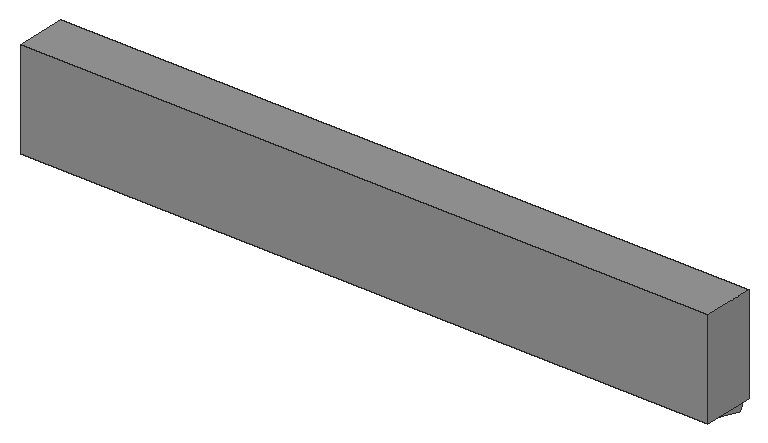
Revit family "Artemide_Sharp_WallWasher_SMD", category Lighting Fixtures, Revit 2018
Family settings
  Round Connector Dimension = Use Diameter
  Part Type = Normal
  Work Plane-Based = Yes
  Always vertical = Yes
  Cut with Voids When Loaded = No
  Light Source = Yes
  Shared = No
  Room Calculation Point = No
Parameters (values of type "SharpWallWasherSMD_4opticunit_44W_4000K_White/White_AF86801")
  Wattage = 44 W
  built-in parameter 1150110 = 1 (stored number, unit not read)
  Voltage = "-"
  V_2Optics = if(or(Distance_RightEndClosure < 77 mm, Distance_RightEndClosure > 225 mm), 1 = 0, 1 = 1)  # no
  V_1Optic = if(Distance_RightEndClosure < 225 mm, 1 = 0, 1 = 1)  # yes
  TotalNumberOfOptics = NumberOfOptics + 1  # 4
  built-in parameter 1114217 = 1 (stored number, unit not read)
  Tilt Angle = 90.00°
  built-in parameter 1150109 = 1 (stored number, unit not read)
  built-in parameter 1150134 = 12
  built-in parameter 1150113 = 1 (stored number, unit not read)
  Product Range = "Sharp"
  Photometric Web File = "AF86801.IES"
  NumberOfOptics = 3
  Max Height from ceiling = 0 mm
  M_Housing = Artemide_Aluminum_White
  M_ExternalHousing = Artemide_Aluminum_White
  built-in parameter 1150105 = 2578.6 (stored number, unit not read)
  Lumens = 2486.44 lm
  built-in parameter 1150115 = 1 (stored number, unit not read)
  built-in parameter 1150137 = (empty or 0)
  built-in parameter 1150139 = (empty or 0)
  built-in parameter 1150112 = 1 (stored number, unit not read)
  built-in parameter 1150114 = 1 (stored number, unit not read)
  built-in parameter 1150132 = (empty or 0)
  built-in parameter 1150102 = (empty or 0)
  built-in parameter 1150107 = 4000 (stored number, unit not read)
  built-in parameter 1150138 = (empty or 0)
  built-in parameter 1150106 = 25.786 (stored number, unit not read)
  IfcExportType = "NOT DEFINED"  # constant formula
  IfcExportAs = "IfcLightFixtureType"  # constant formula
  Weekly = "-"
  Warranty ID = "https://cloud.artemide.com/5-years-warranty"
  Upward Component  = 0
  Unified Glare Rating  = "-"
  Uniclass 2015 = "Pr_70_70_48"  # constant formula
  URL to O&M Manual = "https://www.artemide.com/contents/documenti/prodotto/sharp_wallwasher_smd_instructions4863354.pdf"
  URL to Energy Technology List = "-"
  Trim Material = "-"
  Trim Finish = "-"
  Trim Colour  = "-"
  Total Power = 0
  Total Light Output  = 0
  Testing method = "-"
  Supply Phase = 0
  Suitable for Photocell Control = "-"
  Suitable for Motion Detector Control = "N"
  Suitable for Dimming  = "N"
  Suitable Dimmer Type = "-"
  Standards = "-"
  Shipping Weight = 0
  Service life  = "-"
  Secondary Rated Lamp Life = 0
  Secondary Lamp Voltage = 0
  Secondary Lamp International Type Code = "-"
  Secondary Lamp Initial Lumens  = 0
  Secondary Lamp Included = "-"
  Secondary Lamp Efficacy = 0
  Secondary Lamp Colour Temperature = 0
  Secondary Lamp Colour Rendering Index = 0
  Secondary Lamp Cap = "-"
  Secondary Lamp = "N"
  Responsible Sourcing of Materials = "-"
  Responsible Extraction of Materials = "-"
  Reflector Material = "-"
  Reflector Finish = "-"
  Rated Lamp Life = 103000
  Quarterly = "-"
  Product Model Number = "AF86801"
  Product Literature = "https://www.artemide.com/en/subfamily/4746400/sharp-wallwasher-smd"
  Primary Lamp Type = "LED"
  Power Supply Kit = "-"
  Power Factor = 0
  Photocell = "-"
  Overall Width = 450
  Overall Light Output Ratio = 0
  Overall Length = 600
  Overall Height = 930
  Output Lumens Indirect light = 0
  Output Lumens Direct light = 417
  Number of Secondary Lamps = 0
  Number of Primary Lamps = 1
  Number of Poles = 0
  Motion Sensor = "-"
  Motion Detector = "-"
  Monthly = "-"
  Minimum Operating Temperature = 0
  Maximum Operating Temperature = 0
  Material Ingredient Reporting = "-"
  Manufacturer Website = "https://www.artemide.com"
  Manufacturer = "Artemide"
  Maintenance Required: 8001-12000hrs  = "-"
  Maintenance Required: 601-1000hrs = "-"
  Maintenance Required: 4001-8000hrs  = "-"
  Maintenance Required: 301-600hrs  = "-"
  Maintenance Required: 2001-4000hrs  = "-"
  Maintenance Required: 1001-2000hrs  = "-"
  Maintenance Required: 0-300hrs  = "-"
  Luminance at 65deg Angle = 0
  Luminaire Type = "Wall Washer"
  Luminaire Maintenance Factor = 0
  Luminaire Cleaning Interval  = "-"
  Louvre/Lens = "-"
  Location of Manufacturer = "-"
  Light Output Pattern = "-"
  Light Fixture Mounting Type = "Ceiling"
  Life Cycle Analysis = "-"
  Lamp Survival Factor = "-"
  Lamp Replacement Interval = "-"
  Lamp Included = "Y"
  Lamp Holder Material = "-"
  Lamp Cap = "LED Integrated"
  LED lifetime = 103000
  LED Maintained Colour Variation         = 0
  LED Initial Colour Variation                      = 0
  International Type Code = "-"
  Intended Market = "Unset"
  Integral Fuse or Circuit Protection  = "-"
  Integral Emergency Lighting Battery Type = "-"
  Input Lumens Indirect light = 0
  Input Lumens Direct light = 498.1
  Initial Lumens = 804
  Infills = "-"
  IP Rating = "IP20"
  IK Rating = "-"
  IES Files  = "-"
  Housing Material = "Aluminium"
  Housing Finish  = "Painted"
  Housing Colour  = "White/White"
  Hazardous Area Protection Type = "-"
  Hazardous Area Category = "-"
  Gross Weight = 0
  Green Guide for Specification = "-"
  Gasket Material = "-"
  Frequency  = 0
  Fixings = "-"
  Fixing Material = "-"
  Fire Shroud = "-"
  Fire Rating Duration = 0
  Fire Rated Temperature = 0
  Fire Rated = "-"
  Features = "Any additional components/accessories included in this file are required to complete the product/configuration and must be ordered separately.Please check the catalogue/dedicated brochure for more information"
  Face Width = 0
  Face Shape = "Rectangular"
  Face Length = 0
  External Control Line Voltage = 0
  Expected Life = "-"
  Environmental Product Declaration = "-"
  End Caps/Transition Caps/Joints = "-"
  Emit from Rectangle Width = 593.6 mm
  Emit from Rectangle Length = 24.8 mm
  Emit Shape Visible in Rendering = no
  Emergency light output percentage = 0
  Emergency Lighting Battery = "-"
  Emergency Charging Power       = 0
  Emergency = "N"
  Embodied Carbon  = 0
  Efficiency = 65
  built-in parameter 1150104 = 5.25 (stored number, unit not read)
  Earth Point  = "-"
  ENEC Certification of European conformity = "Y"
  Duration of Integral Emergency Lighting  = 0
  Drive Current                                          = 0
  Downward Component = 0
  Distance_RightEndClosure = 521.6 mm
  Dimming Lamp Color Temperature Shift = <None>
  Diffusing screen = "-"
  Diffuser Material  = "-"
  Diffuser Finish = "-"
  Designed by = "Carlotta de Bevilacqua"
  Default Elevation = 1219.2 mm
  Daylight Sensor = "-"
  Daily = "-"
  Cut Out Width = 0
  Cut Out Length = 0
  Current  = 0
  Control Gear Type = "-"
  Control Gear Standby Power  = 0
  Control Gear Required = "-"
  Control Gear Location = "-"
  Column = "-"
  Colour Temperature = 4000
  Colour Rendering Index = 90
  Color Filter = 16777215
  Cable Material = "-"
  CE Approval = "YES"
  Bespoke Timeframe = "-"
  Beam Angle Transverse Axis  = 0.00°
  Beam Angle Longditudinal Axis  = 0.00°
  Basis of lifetime luminaire failures        = 0
  Basis of lifetime lumen depreciation   = 0
  built-in parameter 1114218 = 1 (stored number, unit not read)
  built-in parameter 1150133 = 10 (stored number, unit not read)
  Application Environment = "Internal"
  Annually = "-"
  Ambient Temperature                             = 0
  Air Handling = "-"
  Access Clearance Top = 0
  Access Clearance Right = 0
  Access Clearance Rear = 0
  Access Clearance Left = 0
  Access Clearance Front = 0
  Access Clearance Bottom = 0
  6 Monthly = "-"
  \u001fM_Louvre = Artemide_Aluminum_White
  \u001fM_Diffuser = Artemide_Glass_LightBulb
Reference planes
  plane 1 "Center (Front/Back)": y = 0
  plane 2: z = 0
  plane 3 "Center (Left/Right)": x = 0
  plane 4: x = 519.4
  plane 5: x = -74.2
  plane 6: y = 22.3
  plane 7: y = -22.3
  plane 8: y = 20.1
  plane 9: y = -20.1
  plane 10 "Light": z = -84.91
  plane 11: x = -76.4
  plane 12: x = 521.6
  plane 13 "Center L/S": z = -2.2
  plane 14 "Center L/T": z = -73.238
  plane 15: x = 222.6
Forms (mm)
  Extrusion 1, solid, material "Artemide_Aluminum_White" <- "M_ExternalHousing"
    sketch origin (0, 0, 0) x (1, 0, 0) y (0, 1, 0)
      loop
        line (-76.4, 22.3) -> (-76.4, -22.3) -> (521.6, -22.3) -> (521.6, 22.3) -> (-76.4, 22.3)
      loop
        line (-74.2, 20.1) -> (-74.2, -20.1) -> (519.4, -20.1) -> (519.4, 20.1) -> (-74.2, 20.1)
    from -84.91 to 0
  Extrusion 2, solid, material "Artemide_Aluminum_White" <- "M_ExternalHousing"
    sketch origin (0, 0, 0) x (1, 0, 0) y (0, 1, 0)
      loop
        line (-74.2, 20.1) -> (-74.2, -20.1) -> (519.4, -20.1) -> (519.4, 20.1) -> (-74.2, 20.1)
    from -2.2 to 0
Cuts and joins
  joined: Extrusion 1, Extrusion 2
Dimensions and locks
  equal spacing: plane 6, plane 1 "Center (Front/Back)", plane 7
  locked: plane 6 to plane 7 at 44.6
  locked: plane 6 to plane 8 at 2.2
  locked: plane 9 to plane 7 at 2.2
  locked: plane 2 to plane 10 "Light" at 84.91
  locked: plane 11 to plane 5 at 2.2
  locked: plane 4 to plane 12 at 2.2
  locked: plane 2 to plane 13 "Center L/S" at 2.2
  locked: plane 3 "Center (Left/Right)" to plane 11 at 76.4
  "Distance_RightEndClosure": plane 12 to plane 3 "Center (Left/Right)"
  locked: plane 14 "Center L/T" to plane 10 "Light" at 11.672
  equal spacing: group 1, group 2, group 3  (x3)
  equal spacing: plane 12, plane 15, plane 11
  aligned and locked: level to plane 2
  aligned and locked: plane 3 "Center (Left/Right)" to nested 1
  aligned and locked: plane 1 "Center (Front/Back)" to nested 1
  aligned and locked: plane 11 to Extrusion 1 sketch curve
  aligned and locked: Extrusion 1 sketch curve to plane 6
  aligned and locked: plane 12 to Extrusion 1 sketch curve
  aligned and locked: Extrusion 1 sketch curve to plane 7
  aligned and locked: plane 5 to Extrusion 1 sketch curve
  aligned and locked: Extrusion 1 sketch curve to plane 8
  aligned and locked: plane 4 to Extrusion 1 sketch curve
  aligned and locked: Extrusion 1 sketch curve to plane 9
  aligned and locked: plane 2 to Extrusion 1
  aligned and locked: plane 5 to Extrusion 2 sketch curve
  aligned and locked: Extrusion 2 sketch curve to plane 8
  aligned and locked: plane 4 to Extrusion 2 sketch curve
  aligned and locked: Extrusion 2 sketch curve to plane 9
  aligned and locked: Extrusion 2 to plane 13 "Center L/S"
  aligned and locked: plane 2 to Extrusion 2
  aligned and locked: plane 14 "Center L/T" to imposter light
  aligned and locked: imposter light to plane 1 "Center (Front/Back)"
  aligned and locked: imposter light to plane 15
Nested families
  nested 1: "Artedime_Sharp_WallWasher_SMD_BasicGeometry" at (0, 0, 0), M_Louvre <- "\u001fM_Louvre", M_Diffuser <- "\u001fM_Diffuser", M_Housing <- "M_Housing", type "Artedime_Sharp_WallWasher_SMD_BasicGeometry"
    with M_Louvre Artemide_Aluminum_White, M_Housing Artemide_Aluminum_White, M_Diffuser Artemide_Glass_LightBulb
  nested 2: "Artedime_Sharp_WallWasher_SMD_BasicGeometry" at (148.4, 0, 0), M_Louvre <- "\u001fM_Louvre", M_Diffuser <- "\u001fM_Diffuser", M_Housing <- "M_Housing", visible <- "V_2Optics", type "Artedime_Sharp_WallWasher_SMD_BasicGeometry"
    with M_Louvre Artemide_Aluminum_White, M_Housing Artemide_Aluminum_White, M_Diffuser Artemide_Glass_LightBulb
  nested 3: "Artedime_Sharp_WallWasher_SMD_BasicGeometry" at (148.4, 0, 0), M_Louvre <- "\u001fM_Louvre", M_Diffuser <- "\u001fM_Diffuser", M_Housing <- "M_Housing", visible <- "V_1Optic", type "Artedime_Sharp_WallWasher_SMD_BasicGeometry"
    with M_Louvre Artemide_Aluminum_White, M_Housing Artemide_Aluminum_White, M_Diffuser Artemide_Glass_LightBulb
  nested 4: "Artedime_Sharp_WallWasher_SMD_BasicGeometry" at (296.8, 0, 0), M_Louvre <- "\u001fM_Louvre", M_Diffuser <- "\u001fM_Diffuser", M_Housing <- "M_Housing", visible <- "V_1Optic", type "Artedime_Sharp_WallWasher_SMD_BasicGeometry"
    with M_Louvre Artemide_Aluminum_White, M_Housing Artemide_Aluminum_White, M_Diffuser Artemide_Glass_LightBulb
  nested 5: "Artedime_Sharp_WallWasher_SMD_BasicGeometry" at (445.2, 0, 0), M_Louvre <- "\u001fM_Louvre", M_Diffuser <- "\u001fM_Diffuser", M_Housing <- "M_Housing", visible <- "V_1Optic", type "Artedime_Sharp_WallWasher_SMD_BasicGeometry"
    with M_Louvre Artemide_Aluminum_White, M_Housing Artemide_Aluminum_White, M_Diffuser Artemide_Glass_LightBulb
Definition of nested family "Artedime_Sharp_WallWasher_SMD_BasicGeometry"
  Parameters (values of type "Artedime_Sharp_WallWasher_SMD_BasicGeometry")
    M_Louvre [instance] = none
    M_Housing [instance] = none
    M_Diffuser [instance] = none
    Default Elevation = 1219.2 mm
  Reference planes
    plane 1 "Center (Front/Back)": y = 0
    plane 2: z = 0
    plane 3 "Center (Left/Right)": x = 0
    plane 4: z = -47.295
    plane 5: z = -93.25
    plane 6: z = -67.701
    plane 7: z = -70.127
    plane 8: z = -72.727
    plane 9: z = -83.193
    plane 10: y = 22.3
    plane 11: y = -22.3
    plane 12: x = -74.2
    plane 13: x = 74.2
    plane 14: x = -73
    plane 15: x = 73
  Forms (mm)
    Extrusion 1, solid, material <- "M_Louvre"
      sketch origin (0, 0, -84.882) x (0, 1, 0) y (0, 0, 1)
        loop
          line (7.33, 37.587) -> (0.326, 37.587)
          arc (0.326, 37.587) -> (-1.85, 36.962) -> (-3.363, 35.277) r 4.101
          arc (-3.363, 35.277) -> (-8.869, 25.337) -> (-13.012, 14.755) r 85.7
          arc (-13.012, 14.755) -> (-14.21, 14.209) -> (-15.516, 14.374) r 2.409
          line (-15.516, 14.374) -> (-17.481, 17.181) -> (-18.584, 17.181) -> (-18.639, 16.031) -> (-20.109, 13.931) -> (-20.109, 0) -> (-18.507, 0) -> (-13.464, 8.874) -> (-14.892, 9.343) -> (-13.745, 12.42) -> (-11.613, 11.644)
          arc (-11.613, 11.644) -> (-8.459, 19.735) -> (-4.83, 27.623) r 145.807
          arc (-4.83, 27.623) -> (-2.104, 32.499) -> (1.084, 37.087) r 57.31
          line (1.084, 37.087) -> (7.756, 37.087)
          arc (7.756, 37.087) -> (10.454, 28.822) -> (12.134, 20.292) r 71.882
          arc (12.134, 20.292) -> (13.21, 11.32) -> (14.023, 2.321) r 308.901
          line (14.023, 2.321) -> (15.326, 1.839) -> (14.761, -1.449) -> (13.558, -1.005) -> (13.727, -7.915) -> (15.525, -8.369) -> (20.068, 0) -> (20.068, 13.718) -> (19.04, 15.5) -> (19.04, 17.181) -> (18.14, 17.181) -> (16.739, 14.755) -> (15.502, 14.755)
          arc (15.502, 14.755) -> (13.859, 24.957) -> (11.431, 35.001) r 133.239
          arc (11.431, 35.001) -> (9.754, 36.887) -> (7.33, 37.587) r 4.545
      from -73 to 73
    Extrusion 2, solid, material <- "M_Diffuser"
      sketch origin (0, 0, -84.882) x (0, 1, 0) y (0, 0, 1)
        loop
          line (15.049, 1.689) -> (-13.707, 12.155) -> (-14.747, 9.295) -> (14.008, -1.171) -> (15.049, 1.689)
      from -73 to 73
    Extrusion 3, solid, material <- "M_Louvre"
      sketch origin (0, 0, -84.882) x (0, 1, 0) y (0, 0, 1)
        loop
          line (7.33, 37.587) -> (0.326, 37.587)
          arc (0.326, 37.587) -> (-1.85, 36.962) -> (-3.363, 35.277) r 4.101
          arc (-3.363, 35.277) -> (-8.869, 25.337) -> (-13.012, 14.755) r 85.7
          arc (-13.012, 14.755) -> (-14.21, 14.209) -> (-15.516, 14.374) r 2.409
          line (-15.516, 14.374) -> (-17.481, 17.181) -> (-18.584, 17.181) -> (-18.639, 16.031) -> (-20.109, 13.931) -> (-20.109, 0) -> (-17.624, 0) -> (15.525, -8.369) -> (20.068, 0) -> (20.068, 13.718) -> (19.04, 15.5) -> (19.04, 17.181) -> (18.14, 17.181) -> (16.739, 14.755) -> (15.502, 14.755)
          arc (15.502, 14.755) -> (13.859, 24.957) -> (11.431, 35.001) r 133.239
          arc (11.431, 35.001) -> (9.754, 36.887) -> (7.33, 37.587) r 4.545
      from -74.2 to -73
    Extrusion 4, solid, material <- "M_Louvre"
      sketch origin (0, 0, -84.882) x (0, 1, 0) y (0, 0, -1)
        loop
          arc (7.33, -37.587) -> (9.754, -36.887) -> (11.431, -35.001) r 4.545
          arc (11.431, -35.001) -> (13.859, -24.957) -> (15.502, -14.755) r 133.239
          line (15.502, -14.755) -> (16.739, -14.755) -> (18.14, -17.181) -> (19.04, -17.181) -> (19.04, -15.5) -> (20.068, -13.718) -> (20.068, 0) -> (15.525, 8.369) -> (-17.624, 0) -> (-20.109, 0) -> (-20.109, -13.931) -> (-18.639, -16.031) -> (-18.584, -17.181) -> (-17.481, -17.181) -> (-15.516, -14.374)
          arc (-15.516, -14.374) -> (-14.21, -14.209) -> (-13.012, -14.755) r 2.409
          arc (-13.012, -14.755) -> (-8.869, -25.337) -> (-3.363, -35.277) r 85.7
          arc (-3.363, -35.277) -> (-1.85, -36.962) -> (0.326, -37.587) r 4.101
          line (0.326, -37.587) -> (7.33, -37.587)
      from -74.2 to -73
  Cuts and joins
    joined: Extrusion 1, Extrusion 3, Extrusion 4
  Dimensions and locks
    plane 2 to plane 4 to plane 6 to plane 7 to plane 8 to plane 9 to plane 5 = 47.295 mm locked, 20.406 mm locked, 2.426 mm locked, 2.6 mm locked, 10.466 mm locked, 10.058 mm locked
    equal spacing: plane 10, plane 1 "Center (Front/Back)", plane 11
    locked: plane 10 to plane 11 at 44.6
    equal spacing: plane 13, plane 3 "Center (Left/Right)", plane 12
    locked: plane 13 to plane 12 at 148.4
    locked: plane 14 to plane 12 at 1.2
    locked: plane 15 to plane 13 at 1.2
    aligned and locked: level to plane 2
    aligned and locked: Extrusion 1 sketch curve to plane 4
    aligned and locked: Extrusion 1 sketch curve to plane 6  (x2)
    aligned and locked: plane 7 to Extrusion 1 sketch curve
    aligned and locked: plane 5 to Extrusion 1 sketch curve
    aligned and locked: Extrusion 1 to plane 14
    aligned and locked: plane 15 to Extrusion 1
    aligned and locked: plane 8 to Extrusion 2 sketch curve
    aligned and locked: Extrusion 2 to plane 14
    aligned and locked: plane 15 to Extrusion 2
    aligned and locked: plane 14 to Extrusion 3
    aligned and locked: Extrusion 4 to plane 15
    aligned and locked: cut or joined group of Extrusion 1, Extrusion 3, Extrusion 4 to plane 12
    aligned and locked: cut or joined group of Extrusion 1, Extrusion 3, Extrusion 4 to plane 13
  Automatic sketch dimensions
    Extrusion 2 sketch curve to plane 8 = 2.859 mm
    plane 11 to Extrusion 2 sketch curve = 7.553 mm
    Extrusion 2 sketch curve to Extrusion 2 sketch curve = 1.041 mm
    Extrusion 2 sketch curve to level = 86.052 mm
    Extrusion 3 sketch curve to level = 84.882 mm  (x2)
    Extrusion 3 sketch curve to plane 6 = 0 mm  (x2)
    Extrusion 3 sketch curve to plane 7 = 0 mm  (x2)
    Extrusion 3 sketch curve to plane 4 = 0 mm
    Extrusion 3 sketch curve to plane 5 = 0 mm
    Extrusion 3 sketch curve to level = 86.189 mm
    Extrusion 3 sketch curve to plane 11 = 94.465 mm
    plane 11 to Extrusion 3 sketch curve = 2.191 mm
    Extrusion 3 sketch curve to plane 6 = 1.15 mm
    Extrusion 3 sketch curve to Extrusion 3 sketch curve = 1.47 mm
    Extrusion 3 sketch curve to Extrusion 3 sketch curve = 0.055 mm
    Extrusion 3 sketch curve to Extrusion 3 sketch curve = 1.103 mm
    Extrusion 3 sketch curve to plane 7 = 0.381 mm
    Extrusion 3 sketch curve to Extrusion 3 sketch curve = 1.965 mm
    Extrusion 3 sketch curve to plane 6 = 0.591 mm
    Extrusion 3 sketch curve to Extrusion 3 sketch curve = 0.944 mm
    Extrusion 3 sketch curve to plane 1 "Center (Front/Back)" = 0.326 mm
    Extrusion 3 sketch curve to Extrusion 3 sketch curve = 7.003 mm
    plane 10 to Extrusion 3 sketch curve = 6.798 mm
    plane 10 to Extrusion 3 sketch curve = 6.775 mm
    Extrusion 3 sketch curve to Extrusion 3 sketch curve = 1.237 mm
    Extrusion 3 sketch curve to Extrusion 3 sketch curve = 1.401 mm
    plane 7 to Extrusion 3 sketch curve = 0.745 mm
    Extrusion 3 sketch curve to Extrusion 3 sketch curve = 0.9 mm
    plane 8 to Extrusion 3 sketch curve = 1.563 mm
    plane 10 to Extrusion 3 sketch curve = 2.232 mm
    Extrusion 3 sketch curve to plane 5 = 2.759 mm
    Extrusion 3 sketch curve to plane 10 = 46.386 mm
    Extrusion 3 sketch curve to Extrusion 3 sketch curve = 4.545 mm
    Extrusion 3 sketch curve to Extrusion 3 sketch curve = 4.101 mm
    Extrusion 4 sketch curve to level = 84.882 mm  (x2)
    Extrusion 4 sketch curve to plane 6 = 0 mm  (x2)
    Extrusion 4 sketch curve to plane 7 = 0 mm  (x2)
    Extrusion 4 sketch curve to plane 4 = 0 mm
    Extrusion 4 sketch curve to plane 5 = 0 mm
    Extrusion 4 sketch curve to level = 86.189 mm
    Extrusion 4 sketch curve to plane 11 = 94.465 mm
    plane 11 to Extrusion 4 sketch curve = 2.191 mm
    Extrusion 4 sketch curve to plane 6 = 1.15 mm
    Extrusion 4 sketch curve to Extrusion 4 sketch curve = 0.055 mm
    Extrusion 4 sketch curve to Extrusion 4 sketch curve = 1.103 mm
    Extrusion 4 sketch curve to plane 7 = 0.381 mm
    Extrusion 4 sketch curve to Extrusion 4 sketch curve = 1.965 mm
    Extrusion 4 sketch curve to plane 6 = 0.591 mm
    Extrusion 4 sketch curve to Extrusion 4 sketch curve = 0.944 mm
    Extrusion 4 sketch curve to plane 1 "Center (Front/Back)" = 0.326 mm
    Extrusion 4 sketch curve to Extrusion 4 sketch curve = 7.003 mm
    plane 10 to Extrusion 4 sketch curve = 6.798 mm
    plane 10 to Extrusion 4 sketch curve = 6.775 mm
    Extrusion 4 sketch curve to Extrusion 4 sketch curve = 1.237 mm
    Extrusion 4 sketch curve to Extrusion 4 sketch curve = 1.401 mm
    plane 7 to Extrusion 4 sketch curve = 0.745 mm
    Extrusion 4 sketch curve to Extrusion 4 sketch curve = 0.9 mm
    plane 8 to Extrusion 4 sketch curve = 1.563 mm
    plane 10 to Extrusion 4 sketch curve = 2.232 mm
    Extrusion 4 sketch curve to plane 5 = 2.759 mm
    Extrusion 4 sketch curve to plane 10 = 46.386 mm
    Extrusion 4 sketch curve to Extrusion 4 sketch curve = 4.101 mm
    Extrusion 4 sketch curve to Extrusion 4 sketch curve = 4.545 mm
    Extrusion 1 sketch curve to plane 7 = 0 mm
    Extrusion 1 sketch curve to level = 84.882 mm
    Extrusion 1 sketch curve to plane 5 = 12.6 mm
    Extrusion 1 sketch curve to plane 11 = 271.699 mm
    Extrusion 1 sketch curve to level = 86.189 mm
    Extrusion 1 sketch curve to plane 11 = 94.465 mm
    Extrusion 1 sketch curve to plane 8 = 1.464 mm
    Extrusion 1 sketch curve to plane 11 = 36.804 mm
    Extrusion 1 sketch curve to plane 6 = 1.15 mm
    Extrusion 1 sketch curve to Extrusion 1 sketch curve = 0.055 mm
    Extrusion 1 sketch curve to Extrusion 1 sketch curve = 1.103 mm
    Extrusion 1 sketch curve to plane 7 = 0.381 mm
    Extrusion 1 sketch curve to Extrusion 1 sketch curve = 1.965 mm
    Extrusion 1 sketch curve to plane 8 = 2.812 mm
    Extrusion 1 sketch curve to Extrusion 1 sketch curve = 0.624 mm
    Extrusion 1 sketch curve to plane 6 = 0.591 mm
    Extrusion 1 sketch curve to Extrusion 1 sketch curve = 0.944 mm
    plane 8 to Extrusion 1 sketch curve = 0.265 mm
    Extrusion 1 sketch curve to Extrusion 1 sketch curve = 0.733 mm
    Extrusion 1 sketch curve to plane 8 = 3.281 mm
    Extrusion 1 sketch curve to Extrusion 1 sketch curve = 1.429 mm
    Extrusion 1 sketch curve to plane 8 = 0.511 mm
    Extrusion 1 sketch curve to Extrusion 1 sketch curve = 2.132 mm
    Extrusion 1 sketch curve to plane 1 "Center (Front/Back)" = 0.326 mm
    Extrusion 1 sketch curve to Extrusion 1 sketch curve = 0.757 mm
    Extrusion 1 sketch curve to Extrusion 1 sketch curve = 6.246 mm
    Extrusion 1 sketch curve to Extrusion 1 sketch curve = 0.426 mm
    Extrusion 1 sketch curve to level = 85.887 mm
    plane 10 to Extrusion 1 sketch curve = 8.742 mm
    plane 5 to Extrusion 1 sketch curve = 0.454 mm
    Extrusion 1 sketch curve to Extrusion 1 sketch curve = 0.169 mm
    plane 9 to Extrusion 1 sketch curve = 0.632 mm
    Extrusion 1 sketch curve to Extrusion 1 sketch curve = 0.465 mm
    Extrusion 1 sketch curve to level = 86.331 mm
    Extrusion 1 sketch curve to Extrusion 1 sketch curve = 1.203 mm
    plane 9 to Extrusion 1 sketch curve = 0.15 mm
    Extrusion 1 sketch curve to Extrusion 1 sketch curve = 1.303 mm
    Extrusion 1 sketch curve to Extrusion 1 sketch curve = 3.368 mm
    Extrusion 1 sketch curve to Extrusion 1 sketch curve = 1.798 mm
    Extrusion 1 sketch curve to Extrusion 1 sketch curve = 1.237 mm
    Extrusion 1 sketch curve to Extrusion 1 sketch curve = 1.401 mm
    Extrusion 1 sketch curve to Extrusion 1 sketch curve = 0.9 mm
    plane 10 to Extrusion 1 sketch curve = 2.232 mm
    plane 9 to Extrusion 1 sketch curve = 0.441 mm
    Extrusion 1 sketch curve to plane 10 = 24.198 mm
    Extrusion 1 sketch curve to plane 5 = 2.759 mm
    Extrusion 1 sketch curve to Extrusion 1 sketch curve = 22.189 mm
    Extrusion 1 sketch curve to plane 5 = 28.868 mm
    Extrusion 1 sketch curve to Extrusion 1 sketch curve = 57.07 mm
    Extrusion 1 sketch curve to plane 7 = 1.037 mm
    plane 7 to Extrusion 1 sketch curve = 0.745 mm
    Extrusion 1 sketch curve to Extrusion 1 sketch curve = 4.545 mm
    Extrusion 1 sketch curve to Extrusion 1 sketch curve = 4.101 mm
    Extrusion 1 sketch curve to plane 4 = 0.5 mm
    Extrusion 1 sketch curve to plane 6 = 3.25 mm
    Extrusion 1 sketch curve to Extrusion 1 sketch curve = 1.47 mm
    plane 1 "Center (Front/Back)" to Extrusion 1 sketch curve = 20.109 mm
    Extrusion 1 sketch curve to Extrusion 1 sketch curve = 1.602 mm
    Extrusion 3 sketch curve to Extrusion 3 sketch curve = 2.486 mm
    Extrusion 3 sketch curve to plane 7 = 0.824 mm
    Extrusion 4 sketch curve to plane 7 = 0.824 mm
    Extrusion 4 sketch curve to Extrusion 4 sketch curve = 2.486 mm
    Extrusion 4 sketch curve to Extrusion 4 sketch curve = 1.47 mm
    Extrusion 1 sketch curve to plane 9 = 1.689 mm
Types (84, lengths in mm): name | Wattage | V_2Optics | V_1Optic | TotalNumberOfOptics | built-in parameter 1150134 | Photometric Web File | NumberOfOptics | M_Housing | M_ExternalHousing | built-in parameter 1150105 | Lumens | built-in parameter 1150107 | built-in parameter 1150106 | URL to O&M Manual | Suitable for Dimming  | Suitable Dimmer Type | Product Model Number | Overall Length | Housing Colour  | Emit from Rectangle Width | Efficiency | built-in parameter 1150104 | ENEC Certification of European conformity | Distance_RightEndClosure | Colour Temperature | \u001fM_Louvre
  SharpWallWasherSMD_1opticunit_12W_2700K_White/White_AF41901 | 12 W | no | no | 3 | (empty or 0) | "AF41901.IES" | 2 | Artemide_Aluminum_White | Artemide_Aluminum_White | 52.836 (stored number, unit not read) | 663.96 lm | 2700 (stored number, unit not read) | 0.52836 (stored number, unit not read) | "https://www.artemide.com/contents/documenti/prodotto/sharp_wallwasher_smd_instructions4863001.pdf" | "N" | "-" | "AF41901" | 155 | "White/White" | 146 | 65 | 5.1403 (stored number, unit not read) | "N" | 76.4 | 2700 | Artemide_Aluminum_White
  SharpWallWasherSMD_2opticunit_22W_2700K_White/White_AF46601 | 22 W | yes | no | 3 | (empty or 0) | "AF46601.IES" | 2 | Artemide_Aluminum_White | Artemide_Aluminum_White | 1262.4 (stored number, unit not read) | 1217.26 lm | 2700 (stored number, unit not read) | 12.624 (stored number, unit not read) | "https://www.artemide.com/contents/documenti/prodotto/sharp_wallwasher_smd_instructions4863350.pdf" | "N" | "-" | "AF46601" | 300 | "White/White" | 296.8 | 65 | 5.1403 (stored number, unit not read) | "N" | 224.8 | 2700 | Artemide_Aluminum_White
  SharpWallWasherSMD_3opticunit_33W_2700K_White/White_AF81601 | 33 W | no | yes | 3 | (empty or 0) | "AF81601.IES" | 2 | Artemide_Aluminum_White | Artemide_Aluminum_White | 1842.2 (stored number, unit not read) | 1776.39 lm | 2700 (stored number, unit not read) | 18.422 (stored number, unit not read) | "https://www.artemide.com/contents/documenti/prodotto/sharp_wallwasher_smd_instructions4863370.pdf" | "N" | "-" | "AF81601" | 450 | "White/White" | 445.2 | 65 | 5.001 (stored number, unit not read) | "N" | 373.2 | 2700 | Artemide_Aluminum_White
  SharpWallWasherSMD_4opticunit_44W_2700K_White/White_AF86601 | 44 W | no | yes | 4 | (empty or 0) | "AF86601.IES" | 3 | Artemide_Aluminum_White | Artemide_Aluminum_White | 2578.6 (stored number, unit not read) | 2486.44 lm | 2700 (stored number, unit not read) | 25.786 (stored number, unit not read) | "https://www.artemide.com/contents/documenti/prodotto/sharp_wallwasher_smd_instructions4863354.pdf" | "N" | "-" | "AF86601" | 600 | "White/White" | 593.6 | 65 | 5.25 (stored number, unit not read) | "Y" | 521.6 | 2700 | Artemide_Aluminum_White
  SharpWallWasherSMD_1opticunit_12W_3000K_White/White_AF42001 | 12 W | no | no | 3 | (empty or 0) | "AF42001.IES" | 2 | Artemide_Aluminum_White | Artemide_Aluminum_White | 733.61 (stored number, unit not read) | 707.4 lm | 3000 (stored number, unit not read) | 7.3361 (stored number, unit not read) | "https://www.artemide.com/contents/documenti/prodotto/sharp_wallwasher_smd_instructions4863001.pdf" | "N" | "-" | "AF42001" | 155 | "White/White" | 146 | 65 | 5.4766 (stored number, unit not read) | "N" | 76.4 | 3000 | Artemide_Aluminum_White
  SharpWallWasherSMD_1opticunit_12W_4000K_White/White_AF42101 | 12 W | no | no | 3 | 12 | "AF42101.IES" | 2 | Artemide_Aluminum_White | Artemide_Aluminum_White | 785.01 (stored number, unit not read) | 756.96 lm | 4000 (stored number, unit not read) | 7.8501 (stored number, unit not read) | "https://www.artemide.com/contents/documenti/prodotto/sharp_wallwasher_smd_instructions4863001.pdf" | "N" | "-" | "AF42101" | 155 | "White/White" | 146 | 65 | 5.8603 (stored number, unit not read) | "N" | 76.4 | 4000 | Artemide_Aluminum_White
  SharpWallWasherSMD_1opticunit_12W_2700K_Black/Black_AF41904 | 12 W | no | no | 3 | (empty or 0) | "AF41904.IES" | 2 | Artemide_Aluminum_Black | Artemide_Aluminum_Black | 639.03 (stored number, unit not read) | 616.2 lm | 2700 (stored number, unit not read) | 6.3903 (stored number, unit not read) | "https://www.artemide.com/contents/documenti/prodotto/sharp_wallwasher_smd_instructions4863001.pdf" | "N" | "-" | "AF41904" | 155 | "Black/Black" | 146 | 60 | 4.7706 (stored number, unit not read) | "N" | 76.4 | 2700 | Artemide_Aluminum_Black
  SharpWallWasherSMD_1opticunit_12W_3000K_Black/Black_AF42004 | 12 W | no | no | 3 | (empty or 0) | "AF42004.IES" | 2 | Artemide_Aluminum_Black | Artemide_Aluminum_Black | 724.12 (stored number, unit not read) | 656.4 lm | 3000 (stored number, unit not read) | 7.2412 (stored number, unit not read) | "https://www.artemide.com/contents/documenti/prodotto/sharp_wallwasher_smd_instructions4863001.pdf" | "N" | "-" | "AF42004" | 155 | "Black/Black" | 146 | 60 | 5.0818 (stored number, unit not read) | "N" | 76.4 | 3000 | Artemide_Aluminum_Black
  SharpWallWasherSMD_1opticunit_12W_4000K_Black/Black_AF42104 | 12 W | no | no | 3 | 12 | "AF42104.IES" | 2 | Artemide_Aluminum_Black | Artemide_Aluminum_Black | 774.96 (stored number, unit not read) | 702.48 lm | 4000 (stored number, unit not read) | 7.7496 (stored number, unit not read) | "https://www.artemide.com/contents/documenti/prodotto/sharp_wallwasher_smd_instructions4863001.pdf" | "N" | "-" | "AF42104" | 155 | "Black/Black" | 146 | 60 | 5.4385 (stored number, unit not read) | "N" | 76.4 | 4000 | Artemide_Aluminum_Black
  SharpWallWasherSMD_1opticunit_12W_2700K_Silver/Black_AF41905 | 12 W | no | no | 3 | (empty or 0) | "AF41905.IES" | 2 | Artemide_Aluminum_Black | Artemide_Aluminum_BrushedSilver | 679.77 (stored number, unit not read) | 616.2 lm | 2700 (stored number, unit not read) | 6.7977 (stored number, unit not read) | "https://www.artemide.com/contents/documenti/prodotto/sharp_wallwasher_smd_instructions4863001.pdf" | "N" | "-" | "AF41905" | 155 | "Silver/Black" | 146 | 60 | 4.7706 (stored number, unit not read) | "N" | 76.4 | 2700 | Artemide_Aluminum_Black
  SharpWallWasherSMD_1opticunit_12W_3000K_Silver/Black_AF42005 | 12 W | no | no | 3 | (empty or 0) | "AF42005.IES" | 2 | Artemide_Aluminum_Black | Artemide_Aluminum_BrushedSilver | 724.12 (stored number, unit not read) | 656.4 lm | 3000 (stored number, unit not read) | 7.2412 (stored number, unit not read) | "https://www.artemide.com/contents/documenti/prodotto/sharp_wallwasher_smd_instructions4863001.pdf" | "N" | "-" | "AF42005" | 155 | "Silver/Black" | 146 | 60 | 5.0818 (stored number, unit not read) | "N" | 76.4 | 3000 | Artemide_Aluminum_Black
  SharpWallWasherSMD_1opticunit_12W_4000K_Silver/Black_AF42105 | 12 W | no | no | 3 | 12 | "AF42105.IES" | 2 | Artemide_Aluminum_Black | Artemide_Aluminum_BrushedSilver | 774.96 (stored number, unit not read) | 702.48 lm | 4000 (stored number, unit not read) | 7.7496 (stored number, unit not read) | "https://www.artemide.com/contents/documenti/prodotto/sharp_wallwasher_smd_instructions4863001.pdf" | "N" | "-" | "AF42105" | 155 | "Silver/Black" | 146 | 60 | 5.4385 (stored number, unit not read) | "N" | 76.4 | 4000 | Artemide_Aluminum_Black
  SharpWallWasherSMD_1opticunit_12W_2700K_White/Black_AF41954 | 12 W | no | no | 3 | (empty or 0) | "AF41954.IES" | 2 | Artemide_Aluminum_Black | Artemide_Aluminum_White | 679.77 (stored number, unit not read) | 616.2 lm | 2700 (stored number, unit not read) | 6.7977 (stored number, unit not read) | "https://www.artemide.com/contents/documenti/prodotto/sharp_wallwasher_smd_instructions4863001.pdf" | "N" | "-" | "AF41954" | 155 | "White/Black" | 146 | 60 | 4.7706 (stored number, unit not read) | "N" | 76.4 | 2700 | Artemide_Aluminum_Black
  SharpWallWasherSMD_1opticunit_12W_3000K_White/Black_AF42054 | 12 W | no | no | 3 | (empty or 0) | "AF42054.IES" | 2 | Artemide_Aluminum_Black | Artemide_Aluminum_White | 724.12 (stored number, unit not read) | 656.4 lm | 3000 (stored number, unit not read) | 7.2412 (stored number, unit not read) | "https://www.artemide.com/contents/documenti/prodotto/sharp_wallwasher_smd_instructions4863001.pdf" | "N" | "-" | "AF42054" | 155 | "White/Black" | 146 | 60 | 5.0818 (stored number, unit not read) | "N" | 76.4 | 3000 | Artemide_Aluminum_Black
  SharpWallWasherSMD_1opticunit_12W_4000K_White/Black_AF42154 | 12 W | no | no | 3 | 12 | "AF42154.IES" | 2 | Artemide_Aluminum_Black | Artemide_Aluminum_White | 774.96 (stored number, unit not read) | 702.48 lm | 4000 (stored number, unit not read) | 7.7496 (stored number, unit not read) | "https://www.artemide.com/contents/documenti/prodotto/sharp_wallwasher_smd_instructions4863001.pdf" | "N" | "-" | "AF42154" | 155 | "White/Black" | 146 | 60 | 5.4385 (stored number, unit not read) | "N" | 76.4 | 4000 | Artemide_Aluminum_Black
  SharpWallWasherSMD_2opticunit_22W_3000K_White/White_AF46701 | 22 W | yes | no | 3 | (empty or 0) | "AF46701.IES" | 2 | Artemide_Aluminum_White | Artemide_Aluminum_White | 1345 (stored number, unit not read) | 1296.9 lm | 3000 (stored number, unit not read) | 13.45 (stored number, unit not read) | "https://www.artemide.com/contents/documenti/prodotto/sharp_wallwasher_smd_instructions4863350.pdf" | "N" | "-" | "AF46701" | 300 | "White/White" | 296.8 | 65 | 5.4766 (stored number, unit not read) | "N" | 224.8 | 3000 | Artemide_Aluminum_White
  SharpWallWasherSMD_2opticunit_22W_4000K_White/White_AF46801 | 22 W | yes | no | 3 | 12 | "AF46801.IES" | 2 | Artemide_Aluminum_White | Artemide_Aluminum_White | 1439.4 (stored number, unit not read) | 1387.98 lm | 4000 (stored number, unit not read) | 14.394 (stored number, unit not read) | "https://www.artemide.com/contents/documenti/prodotto/sharp_wallwasher_smd_instructions4863350.pdf" | "N" | "-" | "AF46801" | 300 | "White/White" | 296.8 | 65 | 5.8613 (stored number, unit not read) | "N" | 224.8 | 4000 | Artemide_Aluminum_White
  SharpWallWasherSMD_2opticunit_22W_2700K_Black/Black_AF46604 | 22 W | yes | no | 3 | (empty or 0) | "AF46604.IES" | 2 | Artemide_Aluminum_Black | Artemide_Aluminum_Black | 1171.6 (stored number, unit not read) | 1129.7 lm | 2700 (stored number, unit not read) | 11.716 (stored number, unit not read) | "https://www.artemide.com/contents/documenti/prodotto/sharp_wallwasher_smd_instructions4863350.pdf" | "N" | "-" | "AF46604" | 300 | "Black/Black" | 296.8 | 60 | 4.7706 (stored number, unit not read) | "N" | 224.8 | 2700 | Artemide_Aluminum_Black
  SharpWallWasherSMD_2opticunit_22W_3000K_Black/Black_AF46704 | 22 W | yes | no | 3 | (empty or 0) | "AF46704.IES" | 2 | Artemide_Aluminum_Black | Artemide_Aluminum_Black | 1327.6 (stored number, unit not read) | 1203.4 lm | 3000 (stored number, unit not read) | 13.276 (stored number, unit not read) | "https://www.artemide.com/contents/documenti/prodotto/sharp_wallwasher_smd_instructions4863350.pdf" | "N" | "-" | "AF46704" | 300 | "Black/Black" | 296.8 | 60 | 5.0818 (stored number, unit not read) | "N" | 224.8 | 3000 | Artemide_Aluminum_Black
  SharpWallWasherSMD_2opticunit_22W_4000K_Black/Black_AF46804 | 22 W | yes | no | 3 | 12 | "AF46804.IES" | 2 | Artemide_Aluminum_Black | Artemide_Aluminum_Black | 1420.8 (stored number, unit not read) | 1287.88 lm | 4000 (stored number, unit not read) | 14.208 (stored number, unit not read) | "https://www.artemide.com/contents/documenti/prodotto/sharp_wallwasher_smd_instructions4863350.pdf" | "N" | "-" | "AF46804" | 300 | "Black/Black" | 296.8 | 60 | 5.4385 (stored number, unit not read) | "N" | 224.8 | 4000 | Artemide_Aluminum_Black
  SharpWallWasherSMD_2opticunit_22W_2700K_Silver/Black_AF46605 | 22 W | yes | no | 3 | (empty or 0) | "AF46605.IES" | 2 | Artemide_Aluminum_Black | Artemide_Aluminum_BrushedSilver | 1246.3 (stored number, unit not read) | 1129.7 lm | 2700 (stored number, unit not read) | 12.463 (stored number, unit not read) | "https://www.artemide.com/contents/documenti/prodotto/sharp_wallwasher_smd_instructions4863350.pdf" | "N" | "-" | "AF46605" | 300 | "Silver/Black" | 296.8 | 60 | 4.7706 (stored number, unit not read) | "N" | 224.8 | 2700 | Artemide_Aluminum_Black
  SharpWallWasherSMD_2opticunit_22W_3000K_Silver/Black_AF46705 | 22 W | yes | no | 3 | (empty or 0) | "AF46705.IES" | 2 | Artemide_Aluminum_Black | Artemide_Aluminum_BrushedSilver | 1327.6 (stored number, unit not read) | 1203.4 lm | 3000 (stored number, unit not read) | 13.276 (stored number, unit not read) | "https://www.artemide.com/contents/documenti/prodotto/sharp_wallwasher_smd_instructions4863350.pdf" | "N" | "-" | "AF46705" | 300 | "Silver/Black" | 296.8 | 60 | 5.0818 (stored number, unit not read) | "N" | 224.8 | 3000 | Artemide_Aluminum_Black
  SharpWallWasherSMD_2opticunit_22W_4000K_Silver/Black_AF46805 | 22 W | yes | no | 3 | 12 | "AF46805.IES" | 2 | Artemide_Aluminum_Black | Artemide_Aluminum_BrushedSilver | 1420.8 (stored number, unit not read) | 1287.88 lm | 4000 (stored number, unit not read) | 14.208 (stored number, unit not read) | "https://www.artemide.com/contents/documenti/prodotto/sharp_wallwasher_smd_instructions4863350.pdf" | "N" | "-" | "AF46805" | 300 | "Silver/Black" | 296.8 | 60 | 5.4385 (stored number, unit not read) | "N" | 224.8 | 4000 | Artemide_Aluminum_Black
  SharpWallWasherSMD_2opticunit_22W_2700K_White/Black_AF46654 | 22 W | yes | no | 3 | (empty or 0) | "AF46654.IES" | 2 | Artemide_Aluminum_Black | Artemide_Aluminum_White | 1246.3 (stored number, unit not read) | 1129.7 lm | 2700 (stored number, unit not read) | 12.463 (stored number, unit not read) | "https://www.artemide.com/contents/documenti/prodotto/sharp_wallwasher_smd_instructions4863350.pdf" | "N" | "-" | "AF46654" | 300 | "White/Black" | 296.8 | 60 | 4.7706 (stored number, unit not read) | "N" | 224.8 | 2700 | Artemide_Aluminum_Black
  SharpWallWasherSMD_2opticunit_22W_3000K_White/Black_AF46754 | 22 W | yes | no | 3 | (empty or 0) | "AF46754.IES" | 2 | Artemide_Aluminum_Black | Artemide_Aluminum_White | 1327.6 (stored number, unit not read) | 1203.4 lm | 3000 (stored number, unit not read) | 13.276 (stored number, unit not read) | "https://www.artemide.com/contents/documenti/prodotto/sharp_wallwasher_smd_instructions4863350.pdf" | "N" | "-" | "AF46754" | 300 | "White/Black" | 296.8 | 60 | 5.0818 (stored number, unit not read) | "N" | 224.8 | 3000 | Artemide_Aluminum_Black
  SharpWallWasherSMD_2opticunit_22W_4000K_White/Black_AF46854 | 22 W | yes | no | 3 | 12 | "AF46854.IES" | 2 | Artemide_Aluminum_Black | Artemide_Aluminum_White | 1420.8 (stored number, unit not read) | 1287.88 lm | 4000 (stored number, unit not read) | 14.208 (stored number, unit not read) | "https://www.artemide.com/contents/documenti/prodotto/sharp_wallwasher_smd_instructions4863350.pdf" | "N" | "-" | "AF46854" | 300 | "White/Black" | 296.8 | 60 | 5.4385 (stored number, unit not read) | "N" | 224.8 | 4000 | Artemide_Aluminum_Black
  SharpWallWasherSMD_2opticunit_22W_2700K_DimmableDali_White/White_AF47901 | 22 W | yes | no | 3 | (empty or 0) | "AF47901.IES" | 2 | Artemide_Aluminum_White | Artemide_Aluminum_White | 1342.8 (stored number, unit not read) | 1217.26 lm | 2700 (stored number, unit not read) | 13.428 (stored number, unit not read) | "https://www.artemide.com/contents/documenti/prodotto/sharp_wallwasher_smd_instructions4863350.pdf" | "Y" | "DALI" | "AF47901" | 300 | "White/White" | 296.8 | 65 | 5.1403 (stored number, unit not read) | "N" | 224.8 | 2700 | Artemide_Aluminum_White
  SharpWallWasherSMD_2opticunit_22W_3000K_DimmableDali_White/White_AF48001 | 22 W | yes | no | 3 | (empty or 0) | "AF48001.IES" | 2 | Artemide_Aluminum_White | Artemide_Aluminum_White | 1345 (stored number, unit not read) | 1296.9 lm | 3000 (stored number, unit not read) | 13.45 (stored number, unit not read) | "https://www.artemide.com/contents/documenti/prodotto/sharp_wallwasher_smd_instructions4863350.pdf" | "Y" | "DALI" | "AF48001" | 300 | "White/White" | 296.8 | 65 | 5.4766 (stored number, unit not read) | "N" | 224.8 | 3000 | Artemide_Aluminum_White
  SharpWallWasherSMD_2opticunit_22W_4000K_DimmableDali_White/White_AF48101 | 22 W | yes | no | 3 | 12 | "AF48101.IES" | 2 | Artemide_Aluminum_White | Artemide_Aluminum_White | 1439.4 (stored number, unit not read) | 1387.98 lm | 4000 (stored number, unit not read) | 14.394 (stored number, unit not read) | "https://www.artemide.com/contents/documenti/prodotto/sharp_wallwasher_smd_instructions4863350.pdf" | "Y" | "DALI" | "AF48101" | 300 | "White/White" | 296.8 | 65 | 5.8613 (stored number, unit not read) | "N" | 224.8 | 4000 | Artemide_Aluminum_White
  SharpWallWasherSMD_2opticunit_22W_2700K_DimmableDali_Black/Black_AF47904 | 22 W | yes | no | 3 | (empty or 0) | "AF47904.IES" | 2 | Artemide_Aluminum_Black | Artemide_Aluminum_Black | 89.899 (stored number, unit not read) | 1129.7 lm | 2700 (stored number, unit not read) | 0.89899 (stored number, unit not read) | "https://www.artemide.com/contents/documenti/prodotto/sharp_wallwasher_smd_instructions4863350.pdf" | "Y" | "DALI" | "AF47904" | 300 | "Black/Black" | 296.8 | 60 | 4.7706 (stored number, unit not read) | "N" | 224.8 | 2700 | Artemide_Aluminum_Black
  SharpWallWasherSMD_2opticunit_22W_3000K_DimmableDali_Black/Black_AF48004 | 22 W | yes | no | 3 | (empty or 0) | "AF48004.IES" | 2 | Artemide_Aluminum_Black | Artemide_Aluminum_Black | 1327.6 (stored number, unit not read) | 1203.4 lm | 3000 (stored number, unit not read) | 13.276 (stored number, unit not read) | "https://www.artemide.com/contents/documenti/prodotto/sharp_wallwasher_smd_instructions4863350.pdf" | "Y" | "DALI" | "AF48004" | 300 | "Black/Black" | 296.8 | 60 | 5.0818 (stored number, unit not read) | "N" | 224.8 | 3000 | Artemide_Aluminum_Black
  SharpWallWasherSMD_2opticunit_22W_4000K_DimmableDali_Black/Black_AF48104 | 22 W | yes | no | 3 | 12 | "AF48104.IES" | 2 | Artemide_Aluminum_Black | Artemide_Aluminum_Black | 1420.8 (stored number, unit not read) | 1287.88 lm | 4000 (stored number, unit not read) | 14.208 (stored number, unit not read) | "https://www.artemide.com/contents/documenti/prodotto/sharp_wallwasher_smd_instructions4863350.pdf" | "Y" | "DALI" | "AF48104" | 300 | "Black/Black" | 296.8 | 60 | 5.4385 (stored number, unit not read) | "N" | 224.8 | 4000 | Artemide_Aluminum_Black
  SharpWallWasherSMD_2opticunit_22W_2700K_DimmableDali_Silver/Black_AF47905 | 22 W | yes | no | 3 | (empty or 0) | "AF47905.IES" | 2 | Artemide_Aluminum_Black | Artemide_Aluminum_BrushedSilver | 89.899 (stored number, unit not read) | 1129.7 lm | 2700 (stored number, unit not read) | 0.89899 (stored number, unit not read) | "https://www.artemide.com/contents/documenti/prodotto/sharp_wallwasher_smd_instructions4863350.pdf" | "Y" | "DALI" | "AF47905" | 300 | "Silver/Black" | 296.8 | 60 | 4.7706 (stored number, unit not read) | "N" | 224.8 | 2700 | Artemide_Aluminum_Black
  SharpWallWasherSMD_2opticunit_22W_3000K_DimmableDali_Silver/Black_AF48005 | 22 W | yes | no | 3 | (empty or 0) | "AF48005.IES" | 2 | Artemide_Aluminum_Black | Artemide_Aluminum_BrushedSilver | 1327.6 (stored number, unit not read) | 1203.4 lm | 3000 (stored number, unit not read) | 13.276 (stored number, unit not read) | "https://www.artemide.com/contents/documenti/prodotto/sharp_wallwasher_smd_instructions4863350.pdf" | "Y" | "DALI" | "AF48005" | 300 | "Silver/Black" | 296.8 | 60 | 5.0818 (stored number, unit not read) | "N" | 224.8 | 3000 | Artemide_Aluminum_Black
  SharpWallWasherSMD_2opticunit_22W_4000K_DimmableDali_Silver/Black_AF48105 | 22 W | yes | no | 3 | 12 | "AF48105.IES" | 2 | Artemide_Aluminum_Black | Artemide_Aluminum_BrushedSilver | 1420.8 (stored number, unit not read) | 1287.88 lm | 4000 (stored number, unit not read) | 14.208 (stored number, unit not read) | "https://www.artemide.com/contents/documenti/prodotto/sharp_wallwasher_smd_instructions4863350.pdf" | "Y" | "DALI" | "AF48105" | 300 | "Silver/Black" | 296.8 | 60 | 5.4385 (stored number, unit not read) | "N" | 224.8 | 4000 | Artemide_Aluminum_Black
  SharpWallWasherSMD_2opticunit_22W_2700K_DimmableDali_White/Black_AF47954 | 22 W | yes | no | 3 | (empty or 0) | "AF47954.IES" | 2 | Artemide_Aluminum_Black | Artemide_Aluminum_White | 1246.3 (stored number, unit not read) | 1129.7 lm | 2700 (stored number, unit not read) | 12.463 (stored number, unit not read) | "https://www.artemide.com/contents/documenti/prodotto/sharp_wallwasher_smd_instructions4863350.pdf" | "Y" | "DALI" | "AF47954" | 300 | "White/Black" | 296.8 | 60 | 4.7706 (stored number, unit not read) | "N" | 224.8 | 2700 | Artemide_Aluminum_Black
  SharpWallWasherSMD_2opticunit_22W_3000K_DimmableDali_White/Black_AF48054 | 22 W | yes | no | 3 | (empty or 0) | "AF48054.IES" | 2 | Artemide_Aluminum_Black | Artemide_Aluminum_White | 1327.6 (stored number, unit not read) | 1203.4 lm | 3000 (stored number, unit not read) | 13.276 (stored number, unit not read) | "https://www.artemide.com/contents/documenti/prodotto/sharp_wallwasher_smd_instructions4863350.pdf" | "Y" | "DALI" | "AF48054" | 300 | "White/Black" | 296.8 | 60 | 5.0818 (stored number, unit not read) | "N" | 224.8 | 3000 | Artemide_Aluminum_Black
  SharpWallWasherSMD_2opticunit_22W_4000K_DimmableDali_White/Black_AF48154 | 22 W | yes | no | 3 | 12 | "AF48154.IES" | 2 | Artemide_Aluminum_Black | Artemide_Aluminum_White | 1420.8 (stored number, unit not read) | 1287.88 lm | 4000 (stored number, unit not read) | 14.208 (stored number, unit not read) | "https://www.artemide.com/contents/documenti/prodotto/sharp_wallwasher_smd_instructions4863350.pdf" | "Y" | "DALI" | "AF48154" | 300 | "White/Black" | 296.8 | 60 | 5.4385 (stored number, unit not read) | "N" | 224.8 | 4000 | Artemide_Aluminum_Black
  SharpWallWasherSMD_3opticunit_33W_3000K_White/White_AF81701 | 33 W | no | yes | 3 | (empty or 0) | "AF81701.IES" | 2 | Artemide_Aluminum_White | Artemide_Aluminum_White | 1963 (stored number, unit not read) | 1892.88 lm | 3000 (stored number, unit not read) | 19.63 (stored number, unit not read) | "https://www.artemide.com/contents/documenti/prodotto/sharp_wallwasher_smd_instructions4863370.pdf" | "N" | "-" | "AF81701" | 450 | "White/White" | 445.2 | 65 | 5.3289 (stored number, unit not read) | "N" | 373.2 | 3000 | Artemide_Aluminum_White
  SharpWallWasherSMD_3opticunit_33W_4000K_White/White_AF81801 | 33 W | no | yes | 3 | 12 | "AF81801.IES" | 2 | Artemide_Aluminum_White | Artemide_Aluminum_White | 2100.6 (stored number, unit not read) | 2025.54 lm | 4000 (stored number, unit not read) | 21.006 (stored number, unit not read) | "https://www.artemide.com/contents/documenti/prodotto/sharp_wallwasher_smd_instructions4863370.pdf" | "N" | "-" | "AF81801" | 450 | "White/White" | 445.2 | 65 | 5.7024 (stored number, unit not read) | "N" | 373.2 | 4000 | Artemide_Aluminum_White
  SharpWallWasherSMD_3opticunit_33W_2700K_Black/Black_AF81604 | 33 W | no | yes | 3 | (empty or 0) | "AF81604.IES" | 2 | Artemide_Aluminum_Black | Artemide_Aluminum_Black | 1709.8 (stored number, unit not read) | 1648.68 lm | 2700 (stored number, unit not read) | 17.098 (stored number, unit not read) | "https://www.artemide.com/contents/documenti/prodotto/sharp_wallwasher_smd_instructions4863370.pdf" | "N" | "-" | "AF81604" | 450 | "Black/Black" | 445.2 | 60 | 4.6414 (stored number, unit not read) | "N" | 373.2 | 2700 | Artemide_Aluminum_Black
  SharpWallWasherSMD_3opticunit_33W_3000K_Black/Black_AF81704 | 33 W | no | yes | 3 | (empty or 0) | "AF81704.IES" | 2 | Artemide_Aluminum_Black | Artemide_Aluminum_Black | 1937.8 (stored number, unit not read) | 1756.59 lm | 3000 (stored number, unit not read) | 19.378 (stored number, unit not read) | "https://www.artemide.com/contents/documenti/prodotto/sharp_wallwasher_smd_instructions4863370.pdf" | "N" | "-" | "AF81704" | 450 | "Black/Black" | 445.2 | 60 | 4.9452 (stored number, unit not read) | "N" | 373.2 | 3000 | Artemide_Aluminum_Black
  SharpWallWasherSMD_3opticunit_33W_4000K_Black/Black_AF81804 | 33 W | no | yes | 3 | 12 | "AF81804.IES" | 2 | Artemide_Aluminum_Black | Artemide_Aluminum_Black | 149.58 (stored number, unit not read) | 1879.68 lm | 4000 (stored number, unit not read) | 1.4958 (stored number, unit not read) | "https://www.artemide.com/contents/documenti/prodotto/sharp_wallwasher_smd_instructions4863370.pdf" | "N" | "-" | "AF81804" | 450 | "Black/Black" | 445.2 | 60 | 5.2918 (stored number, unit not read) | "N" | 373.2 | 4000 | Artemide_Aluminum_Black
  SharpWallWasherSMD_3opticunit_33W_2700K_Silver/Black_AF81605 | 33 W | no | yes | 3 | (empty or 0) | "AF81605.IES" | 2 | Artemide_Aluminum_Black | Artemide_Aluminum_BrushedSilver | 1818.8 (stored number, unit not read) | 1648.68 lm | 2700 (stored number, unit not read) | 18.188 (stored number, unit not read) | "https://www.artemide.com/contents/documenti/prodotto/sharp_wallwasher_smd_instructions4863370.pdf" | "N" | "-" | "AF81605" | 450 | "Silver/Black" | 445.2 | 60 | 4.6414 (stored number, unit not read) | "N" | 373.2 | 2700 | Artemide_Aluminum_Black
  SharpWallWasherSMD_3opticunit_33W_3000K_Silver/Black_AF81705 | 33 W | no | yes | 3 | (empty or 0) | "AF81705.IES" | 2 | Artemide_Aluminum_Black | Artemide_Aluminum_BrushedSilver | 139.78 (stored number, unit not read) | 1756.59 lm | 3000 (stored number, unit not read) | 1.3978 (stored number, unit not read) | "https://www.artemide.com/contents/documenti/prodotto/sharp_wallwasher_smd_instructions4863370.pdf" | "N" | "-" | "AF81705" | 450 | "Silver/Black" | 445.2 | 60 | 4.9452 (stored number, unit not read) | "N" | 373.2 | 3000 | Artemide_Aluminum_Black
  SharpWallWasherSMD_3opticunit_33W_4000K_Silver/Black_AF81805 | 33 W | no | yes | 3 | 12 | "AF81805.IES" | 2 | Artemide_Aluminum_Black | Artemide_Aluminum_BrushedSilver | 2073.6 (stored number, unit not read) | 1879.68 lm | 4000 (stored number, unit not read) | 20.736 (stored number, unit not read) | "https://www.artemide.com/contents/documenti/prodotto/sharp_wallwasher_smd_instructions4863370.pdf" | "N" | "-" | "AF81805" | 450 | "Silver/Black" | 445.2 | 60 | 5.2918 (stored number, unit not read) | "N" | 373.2 | 4000 | Artemide_Aluminum_Black
  SharpWallWasherSMD_3opticunit_33W_2700K_White/Black_AF81654 | 33 W | no | yes | 3 | (empty or 0) | "AF81654.IES" | 2 | Artemide_Aluminum_Black | Artemide_Aluminum_White | 1818.8 (stored number, unit not read) | 1648.68 lm | 2700 (stored number, unit not read) | 18.188 (stored number, unit not read) | "https://www.artemide.com/contents/documenti/prodotto/sharp_wallwasher_smd_instructions4863370.pdf" | "N" | "-" | "AF81654" | 450 | "White/Black" | 445.2 | 60 | 4.6414 (stored number, unit not read) | "N" | 373.2 | 2700 | Artemide_Aluminum_Black
  SharpWallWasherSMD_3opticunit_33W_3000K_White/Black_AF81754 | 33 W | no | yes | 3 | (empty or 0) | "AF81754.IES" | 2 | Artemide_Aluminum_Black | Artemide_Aluminum_White | 1937.8 (stored number, unit not read) | 1756.59 lm | 3000 (stored number, unit not read) | 19.378 (stored number, unit not read) | "https://www.artemide.com/contents/documenti/prodotto/sharp_wallwasher_smd_instructions4863370.pdf" | "N" | "-" | "AF81754" | 450 | "White/Black" | 445.2 | 60 | 4.9452 (stored number, unit not read) | "N" | 373.2 | 3000 | Artemide_Aluminum_Black
  SharpWallWasherSMD_3opticunit_33W_4000K_White/Black_AF81854 | 33 W | no | yes | 3 | 12 | "AF81854.IES" | 2 | Artemide_Aluminum_Black | Artemide_Aluminum_White | 2073.6 (stored number, unit not read) | 1879.68 lm | 4000 (stored number, unit not read) | 20.736 (stored number, unit not read) | "https://www.artemide.com/contents/documenti/prodotto/sharp_wallwasher_smd_instructions4863370.pdf" | "N" | "-" | "AF81854" | 450 | "White/Black" | 445.2 | 60 | 5.2918 (stored number, unit not read) | "N" | 373.2 | 4000 | Artemide_Aluminum_Black
  SharpWallWasherSMD_3opticunit_33W_2700K_DimmableDali_White/White_AF82901 | 33 W | no | yes | 3 | (empty or 0) | "AF82901.IES" | 2 | Artemide_Aluminum_White | Artemide_Aluminum_White | 1959.7 (stored number, unit not read) | 1776.39 lm | 2700 (stored number, unit not read) | 19.597 (stored number, unit not read) | "https://www.artemide.com/contents/documenti/prodotto/sharp_wallwasher_smd_instructions4863370.pdf" | "Y" | "DALI" | "AF82901" | 450 | "White/White" | 445.2 | 65 | 5.001 (stored number, unit not read) | "N" | 373.2 | 2700 | Artemide_Aluminum_White
  SharpWallWasherSMD_3opticunit_33W_3000K_DimmableDali_White/White_AF83001 | 33 W | no | yes | 3 | (empty or 0) | "AF83001.IES" | 2 | Artemide_Aluminum_White | Artemide_Aluminum_White | 1963 (stored number, unit not read) | 1892.88 lm | 3000 (stored number, unit not read) | 19.63 (stored number, unit not read) | "https://www.artemide.com/contents/documenti/prodotto/sharp_wallwasher_smd_instructions4863370.pdf" | "Y" | "DALI" | "AF83001" | 450 | "White/White" | 445.2 | 65 | 5.3289 (stored number, unit not read) | "N" | 373.2 | 3000 | Artemide_Aluminum_White
  SharpWallWasherSMD_3opticunit_33W_4000K_DimmableDali_White/White_AF83101 | 33 W | no | yes | 3 | 12 | "AF83101.IES" | 2 | Artemide_Aluminum_White | Artemide_Aluminum_White | 2100.6 (stored number, unit not read) | 2025.54 lm | 4000 (stored number, unit not read) | 21.006 (stored number, unit not read) | "https://www.artemide.com/contents/documenti/prodotto/sharp_wallwasher_smd_instructions4863370.pdf" | "Y" | "DALI" | "AF83101" | 450 | "White/White" | 445.2 | 65 | 5.7024 (stored number, unit not read) | "N" | 373.2 | 4000 | Artemide_Aluminum_White
  SharpWallWasherSMD_3opticunit_33W_2700K_DimmableDali_Black/Black_AF82904 | 33 W | no | yes | 3 | (empty or 0) | "AF82904.IES" | 2 | Artemide_Aluminum_Black | Artemide_Aluminum_Black | 1709.8 (stored number, unit not read) | 1648.68 lm | 2700 (stored number, unit not read) | 17.098 (stored number, unit not read) | "https://www.artemide.com/contents/documenti/prodotto/sharp_wallwasher_smd_instructions4863370.pdf" | "Y" | "DALI" | "AF82904" | 450 | "Black/Black" | 445.2 | 60 | 4.6414 (stored number, unit not read) | "N" | 373.2 | 2700 | Artemide_Aluminum_Black
  SharpWallWasherSMD_3opticunit_33W_3000K_DimmableDali_Black/Black_AF83004 | 33 W | no | yes | 3 | (empty or 0) | "AF83004.IES" | 2 | Artemide_Aluminum_Black | Artemide_Aluminum_Black | 1937.8 (stored number, unit not read) | 1756.59 lm | 3000 (stored number, unit not read) | 19.378 (stored number, unit not read) | "https://www.artemide.com/contents/documenti/prodotto/sharp_wallwasher_smd_instructions4863370.pdf" | "Y" | "DALI" | "AF83004" | 450 | "Black/Black" | 445.2 | 60 | 4.9452 (stored number, unit not read) | "N" | 373.2 | 3000 | Artemide_Aluminum_Black
  SharpWallWasherSMD_3opticunit_33W_4000K_DimmableDali_Black/Black_AF83104 | 33 W | no | yes | 3 | 12 | "AF83104.IES" | 2 | Artemide_Aluminum_Black | Artemide_Aluminum_Black | 2073.6 (stored number, unit not read) | 1879.68 lm | 4000 (stored number, unit not read) | 20.736 (stored number, unit not read) | "https://www.artemide.com/contents/documenti/prodotto/sharp_wallwasher_smd_instructions4863370.pdf" | "Y" | "DALI" | "AF83104" | 450 | "Black/Black" | 445.2 | 60 | 5.2918 (stored number, unit not read) | "N" | 373.2 | 4000 | Artemide_Aluminum_Black
  SharpWallWasherSMD_3opticunit_33W_2700K_DimmableDali_Silver/Black_AF82905 | 33 W | no | yes | 3 | (empty or 0) | "AF82905.IES" | 2 | Artemide_Aluminum_Black | Artemide_Aluminum_BrushedSilver | 1818.8 (stored number, unit not read) | 1648.68 lm | 2700 (stored number, unit not read) | 18.188 (stored number, unit not read) | "https://www.artemide.com/contents/documenti/prodotto/sharp_wallwasher_smd_instructions4863370.pdf" | "Y" | "DALI" | "AF82905" | 450 | "Silver/Black" | 445.2 | 60 | 4.6414 (stored number, unit not read) | "N" | 373.2 | 2700 | Artemide_Aluminum_Black
  SharpWallWasherSMD_3opticunit_33W_3000K_DimmableDali_Silver/Black_AF83005 | 33 W | no | yes | 3 | (empty or 0) | "AF83005.IES" | 2 | Artemide_Aluminum_Black | Artemide_Aluminum_BrushedSilver | 1937.8 (stored number, unit not read) | 1756.59 lm | 3000 (stored number, unit not read) | 19.378 (stored number, unit not read) | "https://www.artemide.com/contents/documenti/prodotto/sharp_wallwasher_smd_instructions4863370.pdf" | "Y" | "DALI" | "AF83005" | 450 | "Silver/Black" | 445.2 | 60 | 4.9452 (stored number, unit not read) | "N" | 373.2 | 3000 | Artemide_Aluminum_Black
  SharpWallWasherSMD_3opticunit_33W_4000K_DimmableDali_Silver/Black_AF83105 | 33 W | no | yes | 3 | 12 | "AF83105.IES" | 2 | Artemide_Aluminum_Black | Artemide_Aluminum_BrushedSilver | 2073.6 (stored number, unit not read) | 1879.68 lm | 4000 (stored number, unit not read) | 20.736 (stored number, unit not read) | "https://www.artemide.com/contents/documenti/prodotto/sharp_wallwasher_smd_instructions4863370.pdf" | "Y" | "DALI" | "AF83105" | 450 | "Silver/Black" | 445.2 | 60 | 5.2918 (stored number, unit not read) | "N" | 373.2 | 4000 | Artemide_Aluminum_Black
  SharpWallWasherSMD_3opticunit_33W_2700K_DimmableDali_White/Black_AF82954 | 33 W | no | yes | 3 | (empty or 0) | "AF82954.IES" | 2 | Artemide_Aluminum_Black | Artemide_Aluminum_White | 1818.8 (stored number, unit not read) | 1648.68 lm | 2700 (stored number, unit not read) | 18.188 (stored number, unit not read) | "https://www.artemide.com/contents/documenti/prodotto/sharp_wallwasher_smd_instructions4863370.pdf" | "Y" | "DALI" | "AF82954" | 450 | "White/Black" | 445.2 | 60 | 4.6414 (stored number, unit not read) | "N" | 373.2 | 2700 | Artemide_Aluminum_Black
